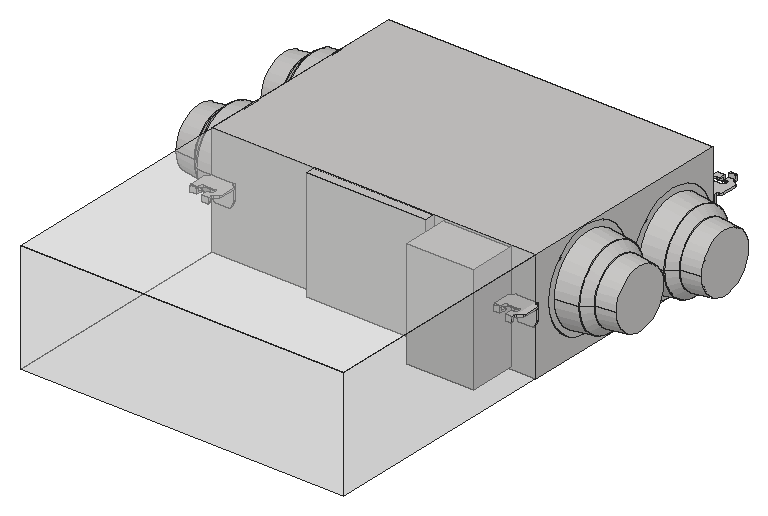
Revit family "outputfile", category 機械設備, Revit 2024
Family settings
  丸型コネクタ寸法 = 半径を使用
  パーツ タイプ = 標準
  OmniClass 番号 = 23.75.10.34.21
  OmniClass タイトル = Heat Exchangers for Ventilation Air
  作業面ベース = いいえ
  常に垂直 = はい
  ロード時にボイドで切り取り = いいえ
  注釈の向きを維持 = いいえ
  共有 = いいえ
  部屋計算ポイント = はい
Parameters (values of type "VAM250HVE")
  Description = ""
  製造元 = "Daikin"
  書き出し IFC クラス(タイプ) = "IfcAirToAirHeatRecoveryType"
  定義済み IFC タイプ(タイプ) = "ROTARYWHEEL"
  Cost = 0
  モデル = "VAM250HVE"
  Type Comments = ""
  Keynote = ""
  Type Image = (empty or 0)
  Assembly Code = ""
  w_maintenacecover = 298.0 mm
  r3_airconnection_top = 73.0 mm
  r2_airconnection_top = 79.2 mm
  r1_airconnection_top = 100.0 mm
  r1_airconnection_bottom = 107.1 mm
  r0_airconnection = 121.0 mm
  lw_powersuply = 146.5 mm
  Voltage_comment_60Hz = "220-240"
  Voltage_comment_50Hz = "220-240"
  Voltage_60Hz = 220 V
  Voltage_50Hz = 220 V
  URL = ""
  Phase_60Hz = 1
  Phase_50Hz = 1
  Minimum External Static Pressure = 35.00 Pa
  Minimum Circuit Amps_60Hz = 1.01 A
  Minimum Circuit Amps_50Hz = 1.01 A
  Maximum Fuse Amps_60Hz = 15.0 A
  Maximum Fuse Amps_50Hz = 15.0 A
  Maximum External Static Pressure = 130.00 Pa
  Material_Casing = DAIKIN_GalvanizedSteel_Casing_indoorunit
  lw_mountinghole_Left = 377.0 mm
  lw_mountinghole = 759.0 mm
  w_controlbox_right = 63.0 mm
  w_controlbox = 167.0 mm
  r_SAduct = SA Duct Size Diameter / 2  # 75.0 mm
  r_RAduct = RA Duct Size Diameter / 2  # 75.0 mm
  r_OAduct = OA Duct Size Diameter / 2  # 75.0 mm
  r_EAduct = EA Duct Size Diameter / 2  # 75.0 mm
  lh_powersuply = 139.0 mm
  lh_mounting = lh_mountinghole + [h***]  # 173.0 mm
  h_controlbox_top = 4.5 mm
  lh_antena = Height - lh_mountinghole + 1.0 mm  # 106.0 mm
  lh_SA = 157.0 mm
  lh_RA = 121.0 mm
  lh_OA = 157.0 mm
  lh_EA = 157.0 mm
  ld_SA = 159.0 mm
  ld_RA = 126.0 mm
  ld_OA = 125.0 mm
  ld_EA = 160.0 mm
  lh_mountinghole = 173.0 mm
  h_controlbox = 269.0 mm
  h*** = 0.0 mm  # constant formula
  d_total_airconnection = d1_airconnection + d2_airconnection + d3_airconnection  # 132.0 mm
  d_maintenacecover = 26.0 mm
  ld_mountinghole = 651.0 mm
  d_controlbox = 117.0 mm
  d3_airconnection = 50.5 mm
  d2_airconnection = 21.5 mm
  d1_airconnection = 60.0 mm
  d0_airconnection = 1.8 mm
  Width = 810.0 mm
  Version = "ver.1.0"
  Unit Type = "Heat Recovery Ventilator"
  Unit Mass Weight = 22.00 kg
  Unit Designation [instance] = ""
  Uniclass2015Version = "Products v1.30"
  Uniclass2015Title = "Thermal wheels"
  Uniclass2015Code = "Pr_60_60_36_88"
  Temperature exchange efficiency (Heating) = 76.50%
  Temperature exchange efficiency (Cooling) = 60.50%
  Supply Air Direction [instance] = yes
  Sound Pressure Level_M speed (dBA) = 31.5
  Sound Pressure Level_L speed (dBA) = 23
  Sound Pressure Level_H speed (dBA) = 33
  Series = "VRV Fan Coil Unit"
  SA Duct Size Diameter = 150.0 mm
  Refrigerant Type = ""
  RA Duct Size Diameter = 150.0 mm
  Option Accessory 3 [instance] = ""
  Option Accessory 2 [instance] = ""
  Option Accessory 1 [instance] = ""
  OA Duct Size Diameter = 150.0 mm
  Nominal Airflow = 250.00 m³/h
  Minimum Airflow = 85.00 m³/h
  Median Airflow = 0.00 m³/h
  Maximum Airflow = 400.00 m³/h
  Load Classification = HVAC
  Link_Nested Family [instance] = ""
  IfcVersion = "0"
  IfcExportType = "ROTARYWHEEL"
  IfcExportAs = "IfcAirToAirHeatRecoveryType"
  Height = 278.0 mm
  Heating Entering Wet Bulb Temperature [instance] = 0.00 °C
  Heating Entering Dry Bulb Temperature [instance] = 0.00 °C
  Heating Ambient Wet Bulb Temperature [instance] = 0.00 °C
  Heating Ambient Dry Bulb Temperature [instance] = 0.00 °C
  Frequency_60Hz = 60 Hz
  Frequency_50Hz = 50 Hz
  Fan Type = "Sirocco Fan"
  Fan Drive = "Direct Drive"
  FCU Tag No. [instance] = ""
  Enthalpy exchange efficiency (Heating) = 69.50%
  Enthalpy exchange efficiency (Cooling) = 60.00%
  EA Duct Size Diameter = 150.0 mm
  Design Supply Airflow [instance] = 0.00 m³/h
  Design Return Airflow [instance] = 0.00 m³/h
  Design Outdoor Airflow [instance] = 0.00 m³/h
  Design External Static Pressure [instance] = 0.00 Pa
  Design Exhaust Airflow [instance] = 0.00 m³/h
  Depth = 551.0 mm
  既定の高さ = 0.0 mm
  Cooling Entering Wet Bulb Temperature [instance] = 0.00 °C
  Cooling Entering Dry Bulb Temperature [instance] = 0.00 °C
  Cooling Ambient Wet Bulb Temperature [instance] = 0.00 °C
  Cooling Ambient Dry Bulb Temperature [instance] = 0.00 °C
  Clearance visibility [instance] = yes
  Clearance Top = 0.0 mm
  Clearance Right = 0.0 mm
  Clearance Rear = 0.0 mm
  Clearance Left = 0.0 mm
  Clearance Front = 600.0 mm
  Clearance Bottom = 0.0 mm
Reference planes
  plane 1 "Center (Front/Back)": y = 0
  plane 2: z = 0
  plane 3 "Center (Left/Right)": x = 0
  plane 4 "Back": y = 275.5
  plane 5 "Front": y = -275.5
  plane 6 "Left": x = -405
  plane 7 "Right": x = 405
  plane 8 "Top": z = 0
  plane 9 "mountinghole_Left": x = -377
  plane 10 "mountinghole_Right": x = 382
  plane 11 "mountinghole_Back": y = 325.5
  plane 12 "mountinghole_Front": y = -325.5
  plane 13 "Center (Elevation)": z = -139
  plane 14 "h_mountinghole": z = -105
  plane 15 "w_maintenacecover_left": x = -149
  plane 16 "w_maintenacecover_right": x = 149
  plane 17 "Clearance Front": y = -875.5
  plane 18 "Clearance Left": x = -405
  plane 19 "Clearance Right": x = 405
  plane 20 "Clearance Rear": y = 275.5
  plane 21 "Clearance Top": z = 0
  plane 22 "Clearance Bottom": z = -278
  plane 23 "d_maintenacecover": y = -301.5
  plane 24 "d_controlbox": y = -392.5
  plane 25 "w_controlbox_left": x = 175
  plane 26 "w_controlbox_right": x = 342
  plane 27 "Bottom": z = -278
  plane 28 "h_controlbox_top": z = -4.5
  plane 29 "h_controlbox_bottom": z = -273.5
  plane 30 "lh_OA": z = -121
  plane 31 "lh_EA": z = -121
  plane 32 "lh_SA": z = -121
  plane 33 "lh_RA": z = -157
  plane 34 "ld_EA": y = 115.5
  plane 35 "ld_OA": y = -150.5
  plane 36 "ld_RA": y = 149.5
  plane 37 "ld_SA": y = -116.5
  plane 38 "lw_powersuply": x = 258.5
  plane 39: z = 59.955
  plane 40 "lh_powersuply": z = -139
Forms (mm)
  Extrusion 1, solid, material "DAIKIN_GalvanizedSteel_Casing_indoorunit" <- "Material_Casing"
    sketch origin (0, 0, 200) x (1, 0, 0) y (0, 1, 0)
      loop
        line (-405, 275.5) -> (-405, -275.5) -> (405, -275.5) -> (405, 275.5) -> (-405, 275.5)
    from -478 to -200
  Extrusion 2, solid, material "DAIKIN_GalvanizedSteel_Casing_indoorunit" <- "Material_Casing"
    sketch origin (0, 0, 0) x (1, 0, 0) y (0, 1, 0)
      loop
        line (-149, -275.5) -> (-149, -301.5) -> (149, -301.5) -> (149, -275.5) -> (-149, -275.5)
    from -278 to 0
  Extrusion 3, solid, material "DAIKIN_GalvanizedSteel_Casing_indoorunit" <- "Material_Casing"
    sketch origin (0, 0, 0) x (1, 0, 0) y (0, 1, 0)
      loop
        line (175, -275.5) -> (175, -392.5) -> (342, -392.5) -> (342, -275.5) -> (175, -275.5)
    from -273.5 to -4.5
Dimensions and locks
  equal spacing: plane 6 "Left", plane 3 "Center (Left/Right)", plane 7 "Right"
  "Width": plane 6 "Left" to plane 7 "Right"
  equal spacing: plane 4 "Back", plane 1 "Center (Front/Back)", plane 5 "Front"
  "Depth": plane 4 "Back" to plane 5 "Front"
  "lw_mountinghole": plane 9 "mountinghole_Left" to plane 10 "mountinghole_Right"
  equal spacing: plane 11 "mountinghole_Back", plane 1 "Center (Front/Back)", plane 12 "mountinghole_Front"
  "ld_mountinghole": plane 11 "mountinghole_Back" to plane 12 "mountinghole_Front"
  "Clearance Front": plane 5 "Front" to plane 17 "Clearance Front"
  "Clearance Left": plane 18 "Clearance Left" to plane 6 "Left"
  "Clearance Right": plane 7 "Right" to plane 19 "Clearance Right"
  "Clearance Rear": plane 4 "Back" to plane 20 "Clearance Rear"
  "w_controlbox_right": plane 26 "w_controlbox_right" to plane 7 "Right"
  "w_controlbox": plane 25 "w_controlbox_left" to plane 26 "w_controlbox_right"
  equal spacing: plane 15 "w_maintenacecover_left", plane 3 "Center (Left/Right)", plane 16 "w_maintenacecover_right"
  "w_maintenacecover": plane 15 "w_maintenacecover_left" to plane 16 "w_maintenacecover_right"
  "lh_mountinghole": plane 14 "h_mountinghole" to plane 27 "Bottom"
  "Height": plane 8 "Top" to plane 27 "Bottom"
  equal spacing: plane 8 "Top", plane 13 "Center (Elevation)", plane 27 "Bottom"
  "Clearance Top": plane 21 "Clearance Top" to plane 8 "Top"
  "Clearance Bottom": plane 27 "Bottom" to plane 22 "Clearance Bottom"
  "h_controlbox": plane 28 "h_controlbox_top" to plane 29 "h_controlbox_bottom"
  "d_controlbox": plane 5 "Front" to plane 24 "d_controlbox"
  "d_maintenacecover": plane 5 "Front" to plane 23 "d_maintenacecover"
  "lh_SA": plane 32 "lh_SA" to plane 27 "Bottom"
  "lh_RA": plane 33 "lh_RA" to plane 27 "Bottom"
  "ld_OA": plane 35 "ld_OA" to plane 5 "Front"
  "ld_EA": plane 4 "Back" to plane 34 "ld_EA"
  "ld_RA": plane 4 "Back" to plane 36 "ld_RA"
  "ld_SA": plane 37 "ld_SA" to plane 5 "Front"
  "lh_EA": plane 31 "lh_EA" to plane 27 "Bottom"
  "lh_OA": plane 30 "lh_OA" to plane 27 "Bottom"
  "h_controlbox_top": plane 8 "Top" to plane 28 "h_controlbox_top"
  "lw_mountinghole_Left": plane 9 "mountinghole_Left" to plane 3 "Center (Left/Right)"
  plane 3 "Center (Left/Right)" to plane 10 "mountinghole_Right" = 382.0 mm
  "lw_powersuply": plane 38 "lw_powersuply" to plane 7 "Right"
  "lh_powersuply": plane 40 "lh_powersuply" to plane 27 "Bottom"
  aligned and locked: level to plane 2
  aligned and locked: Extrusion 1 sketch curve to plane 4 "Back"
  aligned and locked: plane 6 "Left" to Extrusion 1 sketch curve
  aligned and locked: plane 5 "Front" to Extrusion 1 sketch curve
  aligned and locked: Extrusion 1 sketch curve to plane 7 "Right"
  aligned and locked: plane 8 "Top" to Extrusion 1
  aligned and locked: nested 1 to plane 10 "mountinghole_Right"
  aligned and locked: nested 1 to plane 5 "Front"
  aligned and locked: plane 9 "mountinghole_Left" to nested 2
  aligned and locked: nested 2 to plane 5 "Front"
  aligned and locked: plane 4 "Back" to nested 3
  aligned and locked: plane 10 "mountinghole_Right" to nested 3
  aligned and locked: nested 4 to plane 9 "mountinghole_Left"
  aligned and locked: plane 4 "Back" to nested 4
  aligned and locked: nested 6 to plane 10 "mountinghole_Right"
  aligned and locked: nested 6 to plane 11 "mountinghole_Back"
  aligned and locked: plane 9 "mountinghole_Left" to nested 7
  aligned and locked: nested 7 to plane 11 "mountinghole_Back"
  aligned and locked: plane 9 "mountinghole_Left" to nested 8
  aligned and locked: plane 12 "mountinghole_Front" to nested 8
  aligned and locked: plane 12 "mountinghole_Front" to nested 9
  aligned and locked: nested 9 to plane 10 "mountinghole_Right"
  aligned and locked: plane 14 "h_mountinghole" to nested 3
  aligned and locked: plane 14 "h_mountinghole" to nested 1
  aligned and locked: plane 14 "h_mountinghole" to nested 4
  aligned and locked: plane 14 "h_mountinghole" to nested 2
  aligned and locked: nested 5 to plane 17 "Clearance Front"
  aligned and locked: plane 18 "Clearance Left" to nested 5
  aligned and locked: nested 5 to plane 19 "Clearance Right"
  aligned and locked: nested 5 to plane 20 "Clearance Rear"
  aligned and locked: plane 22 "Clearance Bottom" to nested 5
  aligned and locked: plane 21 "Clearance Top" to nested 5
  aligned and locked: plane 27 "Bottom" to Extrusion 1
  aligned and locked: plane 23 "d_maintenacecover" to Extrusion 2 sketch curve
  aligned and locked: plane 16 "w_maintenacecover_right" to Extrusion 2 sketch curve
  aligned and locked: plane 15 "w_maintenacecover_left" to Extrusion 2 sketch curve
  aligned and locked: Extrusion 2 sketch curve to plane 5 "Front"
  aligned and locked: plane 8 "Top" to Extrusion 2
  aligned and locked: Extrusion 2 to plane 27 "Bottom"
  aligned and locked: plane 24 "d_controlbox" to Extrusion 3 sketch curve
  aligned and locked: plane 25 "w_controlbox_left" to Extrusion 3 sketch curve
  aligned and locked: Extrusion 3 sketch curve to plane 5 "Front"
  aligned and locked: Extrusion 3 sketch curve to plane 26 "w_controlbox_right"
  aligned and locked: plane 28 "h_controlbox_top" to Extrusion 3
  aligned and locked: plane 29 "h_controlbox_bottom" to Extrusion 3
  aligned and locked: nested 10 to plane 34 "ld_EA"
  aligned and locked: nested 10 to plane 6 "Left"
  aligned and locked: nested 11 to plane 35 "ld_OA"
  aligned and locked: nested 11 to plane 6 "Left"
  aligned and locked: plane 36 "ld_RA" to nested 12
  aligned and locked: plane 7 "Right" to nested 12
  aligned and locked: plane 37 "ld_SA" to nested 13
  aligned and locked: plane 7 "Right" to nested 13
  aligned and locked: plane 32 "lh_SA" to nested 13
  aligned and locked: plane 33 "lh_RA" to nested 12
  aligned and locked: plane 30 "lh_OA" to nested 11
  aligned and locked: plane 31 "lh_EA" to nested 10
  aligned and locked: plane 37 "ld_SA" to nested 15
  aligned and locked: plane 7 "Right" to nested 15
  aligned and locked: plane 36 "ld_RA" to nested 16
  aligned and locked: plane 7 "Right" to nested 16
  aligned and locked: nested 18 to plane 34 "ld_EA"
  aligned and locked: nested 17 to plane 35 "ld_OA"
  aligned and locked: nested 18 to plane 6 "Left"
  aligned and locked: nested 17 to plane 6 "Left"
  aligned and locked: plane 31 "lh_EA" to nested 17
  aligned and locked: nested 18 to plane 31 "lh_EA"
  aligned and locked: nested 16 to plane 33 "lh_RA"
  aligned and locked: nested 15 to plane 32 "lh_SA"
  aligned and locked: plane 37 "ld_SA" to nested 14
  aligned and locked: nested 19 to plane 38 "lw_powersuply"
  aligned and locked: nested 19 to plane 5 "Front"
  aligned and locked: plane 40 "lh_powersuply" to nested 19
  aligned and locked: level to plane 8 "Top"
Nested families
  nested 1: "daikin_hangerfixture_VAM-HVE_150-1000" at (382, -275.5, -105), type "daikin_hangerfixture_VAM-HVE_150-1000"
  nested 2: "daikin_hangerfixture_VAM-HVE_150-1000" at (-377, -275.5, -105), type "daikin_hangerfixture_VAM-HVE_150-1000"
  nested 3: "daikin_hangerfixture_VAM-HVE_150-1000" at (382, 275.5, -105) x (-1, 0, 0) z (0, 0, 1), type "daikin_hangerfixture_VAM-HVE_150-1000"
  nested 4: "daikin_hangerfixture_VAM-HVE_150-1000" at (-377, 275.5, -105) x (-1, 0, 0) z (0, 0, 1), type "daikin_hangerfixture_VAM-HVE_150-1000"
  nested 5: "daikin_clearancespace" at (0, -300, -138.881), visible <- "Clearance visibility", show <- "Clearance visibility", Link_Nested Family <- "Link_Nested Family", type "daikin_clearancespace"
    with width 810.0 mm, show yes, height 278.0 mm, depth 1151.0 mm, Link_Nested Family ""
  nested 6: "daikin_mountinghole" at (382, 325.5, -278), l_antenna <- "lh_antena", Link_Nested Family <- "Link_Nested Family", h_mountinghole <- "lh_mounting", type "daikin_mountinghole"
    with show yes, l_antenna 106.0 mm, h_mountinghole 173.0 mm, Link_Nested Family ""
  nested 7: "daikin_mountinghole" at (-377, 325.5, -278), l_antenna <- "lh_antena", Link_Nested Family <- "Link_Nested Family", h_mountinghole <- "lh_mounting", type "daikin_mountinghole"
    with show yes, l_antenna 106.0 mm, h_mountinghole 173.0 mm, Link_Nested Family ""
  nested 8: "daikin_mountinghole" at (-377, -325.5, -278), l_antenna <- "lh_antena", Link_Nested Family <- "Link_Nested Family", h_mountinghole <- "lh_mounting", type "daikin_mountinghole"
    with show yes, l_antenna 106.0 mm, h_mountinghole 173.0 mm, Link_Nested Family ""
  nested 9: "daikin_mountinghole" at (382, -325.5, -278), l_antenna <- "lh_antena", Link_Nested Family <- "Link_Nested Family", h_mountinghole <- "lh_mounting", type "daikin_mountinghole"
    with show yes, l_antenna 106.0 mm, h_mountinghole 173.0 mm, Link_Nested Family ""
  nested 10: "daikin_airconnection_VAM-HVE_150-1000" at (-405, 115.5, -121) x (0, -1, 0) z (0, 0, 1), d0 <- "d0_airconnection", d1 <- "d1_airconnection", d2 <- "d2_airconnection", d3 <- "d3_airconnection", r0 <- "r0_airconnection", r1_bottom <- "r1_airconnection_bottom", r1_top <- "r1_airconnection_top", r2_top <- "r2_airconnection_top", r3_top <- "r3_airconnection_top", type "daikin_airconnection_VAM-HVE_150-1000"
    with r3_top 73.0 mm, r3_bottom 79.2 mm, r2_top 79.2 mm, r2_bottom 100.0 mm, r1_top 100.0 mm, r1_bottom 107.1 mm, r0 121.0 mm, d_total 132.0 mm, d3 50.5 mm, d2 21.5 mm, d1 60.0 mm, d0 1.8 mm
  nested 11: "daikin_airconnection_VAM-HVE_150-1000" at (-405, -150.5, -121) x (0, -1, 0) z (0, 0, 1), d0 <- "d0_airconnection", d1 <- "d1_airconnection", d2 <- "d2_airconnection", d3 <- "d3_airconnection", r0 <- "r0_airconnection", r1_bottom <- "r1_airconnection_bottom", r1_top <- "r1_airconnection_top", r2_top <- "r2_airconnection_top", r3_top <- "r3_airconnection_top", type "daikin_airconnection_VAM-HVE_150-1000"
    with r3_top 73.0 mm, r3_bottom 79.2 mm, r2_top 79.2 mm, r2_bottom 100.0 mm, r1_top 100.0 mm, r1_bottom 107.1 mm, r0 121.0 mm, d_total 132.0 mm, d3 50.5 mm, d2 21.5 mm, d1 60.0 mm, d0 1.8 mm
  nested 12: "daikin_airconnection_VAM-HVE_150-1000" at (405, 149.5, -157) x (0, 1, 0) z (0, 0, 1), d0 <- "d0_airconnection", d1 <- "d1_airconnection", d2 <- "d2_airconnection", d3 <- "d3_airconnection", r0 <- "r0_airconnection", r1_bottom <- "r1_airconnection_bottom", r1_top <- "r1_airconnection_top", r2_top <- "r2_airconnection_top", r3_top <- "r3_airconnection_top", type "daikin_airconnection_VAM-HVE_150-1000"
    with r3_top 73.0 mm, r3_bottom 79.2 mm, r2_top 79.2 mm, r2_bottom 100.0 mm, r1_top 100.0 mm, r1_bottom 107.1 mm, r0 121.0 mm, d_total 132.0 mm, d3 50.5 mm, d2 21.5 mm, d1 60.0 mm, d0 1.8 mm
  nested 13: "daikin_airconnection_VAM-HVE_150-1000" at (405, -116.5, -121) x (0, 1, 0) z (0, 0, 1), d0 <- "d0_airconnection", d1 <- "d1_airconnection", d2 <- "d2_airconnection", d3 <- "d3_airconnection", r0 <- "r0_airconnection", r1_bottom <- "r1_airconnection_bottom", r1_top <- "r1_airconnection_top", r2_top <- "r2_airconnection_top", r3_top <- "r3_airconnection_top", type "daikin_airconnection_VAM-HVE_150-1000"
    with r3_top 73.0 mm, r3_bottom 79.2 mm, r2_top 79.2 mm, r2_bottom 100.0 mm, r1_top 100.0 mm, r1_bottom 107.1 mm, r0 121.0 mm, d_total 132.0 mm, d3 50.5 mm, d2 21.5 mm, d1 60.0 mm, d0 1.8 mm
  nested 14: "daikin_△_symbolicline" at (0, -116.5, 278) x (0, 1, 0) z (0, 0, 1), built-in parameter 1001360 <- "Height", visible <- "Supply Air Direction", type "daikin_△_symbolicline"
    with length 300.0 mm
  nested 15: "daikin_connector_rotate2" at (405, -116.5, -121) x (0, 1, 0) z (0, 0, 1), length <- "d_total_airconnection", radius <- "r_SAduct", type "daikin_connector_rotate2"
    with radius 75.0 mm, length 132.0 mm, angle_vertical 90.00°, show_face no
  nested 16: "daikin_connector_rotate2" at (405, 149.5, -157) x (0, 1, 0) z (0, 0, 1), length <- "d_total_airconnection", radius <- "r_RAduct", type "daikin_connector_rotate2"
    with radius 75.0 mm, length 132.0 mm, angle_vertical 90.00°, show_face no
  nested 17: "daikin_connector_rotate2" at (-405, -150.5, -121) x (0, -1, 0) z (0, 0, 1), length <- "d_total_airconnection", radius <- "r_OAduct", type "daikin_connector_rotate2"
    with radius 75.0 mm, length 132.0 mm, angle_vertical 90.00°, show_face no
  nested 18: "daikin_connector_rotate2" at (-405, 115.5, -121) x (0, -1, 0) z (0, 0, 1), length <- "d_total_airconnection", radius <- "r_EAduct", type "daikin_connector_rotate2"
    with radius 75.0 mm, length 132.0 mm, angle_vertical 90.00°, show_face no
  nested 19: "daikin_connector_rotate2" at (258.5, -275.5, -139), length <- "d_controlbox", type "daikin_connector_rotate2"
    with radius 10.0 mm, length 117.0 mm, angle_vertical 90.00°, show_face no
Connectors
  hvac at (-537, 115.5, -121), driven by "r_EAduct"
    settings: on nested 18, index 1, duct flow 0.00 m³/h, flow factor 0, pres drop 0.00 Pa, loss coef 0, conn angle 0.00°, conn width 304.8 mm, conn height 304.8 mm, conn diameter 150.0 mm, duct sys type 3, conn prof type 0, flow config 0, flow direction 2, loss method 4, conn ref index -1, conn util no, is conn primary no, conn desc "EA Duct"
  hvac at (-537, -150.5, -121), driven by "r_OAduct"
    settings: on nested 17, index 2, duct flow 0.00 m³/h, flow factor 0, pres drop 0.00 Pa, loss coef 0, conn angle 0.00°, conn width 304.8 mm, conn height 304.8 mm, conn diameter 150.0 mm, duct sys type 1, conn prof type 0, flow config 0, flow direction 1, loss method 4, conn ref index -1, conn util no, is conn primary no, conn desc "OA Duct"
  hvac at (537, 149.5, -157), driven by "r_RAduct"
    settings: on nested 16, index 3, duct flow 0.00 m³/h, flow factor 0, pres drop 0.00 Pa, loss coef 0, conn angle 0.00°, conn width 304.8 mm, conn height 304.8 mm, conn diameter 150.0 mm, duct sys type 2, conn prof type 0, flow config 0, flow direction 1, loss method 4, conn ref index -1, conn util no, is conn primary no, conn desc "RA Duct"
  hvac at (537, -116.5, -121), driven by "r_SAduct"
    settings: on nested 15, index 4, duct flow 0.00 m³/h, flow factor 0, pres drop 0.00 Pa, loss coef 0, conn angle 0.00°, conn width 304.8 mm, conn height 304.8 mm, conn diameter 150.0 mm, duct sys type 1, conn prof type 0, flow config 0, flow direction 2, loss method 4, conn ref index -1, conn util no, is conn primary yes, conn desc "SA Duct"
  electrical at (258.5, -392.5, -139), driven by "Load Classification"
    settings: on nested 19, index 6, voltage 0 V, apparent load 0 VA, apparent load phase1 0 VA, apparent load phase2 0 VA, apparent load phase3 0 VA, power factor 1, load classification "HVAC", number of poles 1, system type 30, power factor state 1, is connector primary yes, connector utility no, sub classification motor no, connector description "Power Supply"
Definition of nested family "daikin_hangerfixture_VAM-HVE_150-1000"
  Parameters (values of type "daikin_hangerfixture_VAM")
    width = 76.0 mm
    material = none
    height = 0.0 mm
    depth = 75.0 mm
    Default Elevation = 0.0 mm
  Reference planes
    plane 1 "Center (Front/Back)": y = 0
    plane 2: z = 0
    plane 3 "Center (Left/Right)": x = 0
    plane 4: y = -75
    plane 5: x = -38
    plane 6: x = 38
    plane 7: z = -3.2
    plane 8: z = -57
    plane 9: x = -28
    plane 10: x = 28
    plane 11: y = -3.2
    plane 12: z = 11.8
    plane 13: z = -15
    plane 14: y = -71.8
    plane 15: y = -50
  Forms (mm)
    Extrusion 1, solid, material <- "material"
      sketch origin (0, 0, 0) x (1, 0, 0) y (0, 1, 0)
        loop
          line (-28, 0) -> (-28, -5)
          arc (-28, -5) -> (-29.464, -8.536) -> (-33, -10) r 5
          arc (-33, -10) -> (-36.536, -11.464) -> (-38, -15) r 5
          line (-38, -15) -> (-38, -52.597)
          arc (-38, -52.597) -> (-37.507, -54.763) -> (-36.123, -56.501) r 5
          line (-36.123, -56.501) -> (-24.877, -65.499)
          arc (-24.877, -65.499) -> (-23.493, -67.237) -> (-23, -69.403) r 5
          line (-23, -69.403) -> (-23, -75) -> (-7, -75) -> (-7, -60)
          arc (-7, -60) -> (-7.879, -57.879) -> (-10, -57) r 3
          line (-10, -57) -> (-13, -57)
          arc (-13, -57) -> (-20, -50) -> (-13, -43) r 7
          line (-13, -43) -> (13, -43)
          arc (13, -43) -> (20, -50) -> (13, -57) r 7
          line (13, -57) -> (10, -57)
          arc (10, -57) -> (7.879, -57.879) -> (7, -60) r 3
          line (7, -60) -> (7, -75) -> (23, -75) -> (23, -69.403)
          arc (23, -69.403) -> (23.493, -67.237) -> (24.877, -65.499) r 5
          line (24.877, -65.499) -> (36.123, -56.501)
          arc (36.123, -56.501) -> (37.507, -54.763) -> (38, -52.597) r 5
          line (38, -52.597) -> (38, -15)
          arc (38, -15) -> (36.536, -11.464) -> (33, -10) r 5
          arc (33, -10) -> (29.464, -8.536) -> (28, -5) r 5
          line (28, -5) -> (28, 0) -> (-28, 0)
      from 0 to -3.2
    Extrusion 2, solid, material <- "material"
      sketch origin (0, 0, 0) x (1, 0, 0) y (0, 0, 1)
        loop
          line (28, 0) -> (-28, 0) -> (-28, -38.882)
          arc (-28, -38.882) -> (-27.88, -39.973) -> (-27.524, -41.011) r 5
          line (-27.524, -41.011) -> (-21.351, -54.129)
          arc (-21.351, -54.129) -> (-19.506, -56.222) -> (-16.827, -57) r 5
          line (-16.827, -57) -> (16.827, -57)
          arc (16.827, -57) -> (19.506, -56.222) -> (21.351, -54.129) r 5
          line (21.351, -54.129) -> (27.524, -41.011)
          arc (27.524, -41.011) -> (27.88, -39.973) -> (28, -38.882) r 5
          line (28, -38.882) -> (28, 0)
      from 0 to 3.2
    Extrusion 3, solid, material <- "material"
      sketch origin (0, 0, 0) x (1, 0, 0) y (0, 0, 1)
        loop
          line (-23, -3.2) -> (-7, -3.2) -> (-7, 8.8)
          arc (-7, 8.8) -> (-7.879, 10.921) -> (-10, 11.8) r 3
          line (-10, 11.8) -> (-20, 11.8)
          arc (-20, 11.8) -> (-22.121, 10.921) -> (-23, 8.8) r 3
          line (-23, 8.8) -> (-23, -3.2)
        loop
          line (7, 0) -> (7, -12)
          arc (7, -12) -> (7.879, -14.121) -> (10, -15) r 3
          line (10, -15) -> (20, -15)
          arc (20, -15) -> (22.121, -14.121) -> (23, -12) r 3
          line (23, -12) -> (23, 0) -> (7, 0)
      from 71.8 to 75
  Cuts and joins
    joined: Extrusion 1, Extrusion 2, Extrusion 3
  Dimensions and locks
    "depth": plane 4 to plane 1 "Center (Front/Back)"
    equal spacing: plane 5, plane 3 "Center (Left/Right)", plane 6
    "width": plane 5 to plane 6
    plane 2 to plane 7 = 3.2 mm
    locked: plane 2 to plane 8 at 57
    locked: plane 9 to plane 10 at 56
    equal spacing: plane 9, plane 3 "Center (Left/Right)", plane 10
    locked: plane 11 to plane 1 "Center (Front/Back)" at 3.2
    locked: plane 12 to plane 7 at 15
    locked: plane 2 to plane 13 at 15
    plane 14 to plane 4 = 3.2 mm
    aligned and locked: level to plane 2
    aligned and locked: plane 1 "Center (Front/Back)" to Extrusion 1 sketch curve
    aligned and locked: plane 4 to Extrusion 1 sketch curve  (x2)
    aligned and locked: Extrusion 1 to plane 5
    aligned and locked: plane 6 to Extrusion 1
    aligned and locked: Extrusion 1 to plane 7
    aligned and locked: Extrusion 2 sketch curve to plane 2
    aligned and locked: Extrusion 2 to plane 8
    aligned and locked: plane 9 to Extrusion 2
    aligned and locked: Extrusion 2 to plane 10
    aligned and locked: Extrusion 2 to plane 1 "Center (Front/Back)"
    aligned and locked: Extrusion 2 to plane 11
    aligned and locked: Extrusion 3 sketch curve to plane 7
    aligned and locked: Extrusion 3 sketch curve to plane 2
    aligned and locked: Extrusion 3 to plane 12
    aligned and locked: Extrusion 3 to plane 13
    aligned and locked: Extrusion 3 to plane 4
    aligned and locked: plane 14 to Extrusion 3
  Automatic sketch dimensions
    plane 3 "Center (Left/Right)" to Extrusion 1 sketch curve = 28.0 mm
    plane 1 "Center (Front/Back)" to Extrusion 1 sketch curve = 5.0 mm
    Extrusion 1 sketch curve to Extrusion 1 sketch curve = 5.0 mm  (x8)
    plane 4 to Extrusion 1 sketch curve = 22.403 mm
    Extrusion 1 sketch curve to Extrusion 1 sketch curve = 1.877 mm  (x2)
    plane 4 to Extrusion 1 sketch curve = 9.501 mm
    Extrusion 1 sketch curve to Extrusion 1 sketch curve = 11.247 mm  (x2)
    Extrusion 1 sketch curve to Extrusion 1 sketch curve = 3.123 mm  (x2)
    Extrusion 1 sketch curve to Extrusion 1 sketch curve = 3.904 mm  (x2)
    plane 3 "Center (Left/Right)" to Extrusion 1 sketch curve = 7.0 mm
    plane 4 to Extrusion 1 sketch curve = 15.0 mm
    Extrusion 1 sketch curve to Extrusion 1 sketch curve = 3.0 mm  (x4)
    Extrusion 1 sketch curve to Extrusion 1 sketch curve = 7.0 mm  (x2)
    Extrusion 1 sketch curve to plane 3 "Center (Left/Right)" = 13.0 mm
    Extrusion 1 sketch curve to Extrusion 1 sketch curve = 16.0 mm
    plane 4 to Extrusion 1 sketch curve = 5.597 mm
    Extrusion 1 sketch curve to Extrusion 1 sketch curve = 8.998 mm
    plane 1 "Center (Front/Back)" to Extrusion 1 sketch curve = 15.0 mm
    plane 5 to Extrusion 2 sketch curve = 10.0 mm
    Extrusion 2 sketch curve to Extrusion 2 sketch curve = 0.476 mm  (x2)
    Extrusion 2 sketch curve to Extrusion 2 sketch curve = 4.524 mm  (x4)
    Extrusion 2 sketch curve to Extrusion 2 sketch curve = 6.173 mm  (x2)
    plane 3 "Center (Left/Right)" to Extrusion 2 sketch curve = 16.827 mm
    Extrusion 2 sketch curve to plane 7 = 35.682 mm  (x2)
    Extrusion 2 sketch curve to Extrusion 2 sketch curve = 13.118 mm  (x2)
    Extrusion 2 sketch curve to Extrusion 2 sketch curve = 2.129 mm
    Extrusion 3 sketch curve to plane 9 = 5.0 mm
    Extrusion 3 sketch curve to Extrusion 3 sketch curve = 3.0 mm  (x4)
    Extrusion 3 sketch curve to Extrusion 3 sketch curve = 10.0 mm
    plane 3 "Center (Left/Right)" to Extrusion 3 sketch curve = 7.0 mm
    plane 10 to Extrusion 3 sketch curve = 8.0 mm
    Extrusion 3 sketch curve to plane 7 = 8.8 mm
    level to Extrusion 3 sketch curve = 8.8 mm
Definition of nested family "daikin_clearancespace"
  Parameters (values of type "daikin_clearancespace")
    width [instance] = 1823.963 mm
    show [instance] = yes
    material = none
    height [instance] = 1359.762 mm
    depth [instance] = 880.0 mm
    Default Elevation = 0.0 mm
    Link_Nested Family [instance] = ""
  Reference planes
    plane 1 "Center (Front/Back)": y = 0
    plane 2 "Center (Elevation)": z = -0.119
    plane 3 "Center (Left/Right)": x = 0
    plane 4: y = 440
    plane 5: y = -440
    plane 6 "Right": x = 911.982
    plane 7 "Left": x = -911.982
    plane 8 "Top": z = 679.762
    plane 9 "Bottom": z = -680
  Forms (mm)
    Extrusion 1, solid, material <- "material", visible <- "show"
      sketch origin (0, 0, 0) x (1, 0, 0) y (0, 1, 0)
        loop
          line (-911.982, 440) -> (-911.982, -440) -> (911.982, -440) -> (911.982, 440) -> (-911.982, 440)
      from -680 to 679.762
  Lines and regions (mm)
    symbolic lines, visible <- "show"
      curve 1: line (911.982, 440, 0) -> (-911.982, 440, 0)
      curve 2: line (-911.982, 440, 0) -> (-911.982, -440, 0)
      curve 3: line (-911.982, -440, 0) -> (911.982, -440, 0)
      curve 4: line (911.982, -440, 0) -> (911.982, 440, 0)
      curve 5: line (911.982, 0, 679.762) -> (-911.982, 0, 679.762)
      curve 6: line (911.982, 0, -680) -> (911.982, 0, 679.762)
      curve 7: line (-911.982, 0, -680) -> (911.982, 0, -680)
      curve 8: line (-911.982, 0, 679.762) -> (-911.982, 0, -680)
      curve 9: line (0, 440, 679.762) -> (0, -440, 679.762)
      curve 10: line (0, -440, 679.762) -> (0, -440, -680)
      curve 11: line (0, 440, -680) -> (0, 440, 679.762)
      curve 12: line (0, -440, -680) -> (0, 440, -680)
  Dimensions and locks
    "width": plane 7 "Left" to plane 6 "Right"
    "depth": plane 4 to plane 5
    "height": plane 8 "Top" to plane 9 "Bottom"
    equal spacing: plane 7 "Left", plane 3 "Center (Left/Right)", plane 6 "Right"
    equal spacing: plane 4, plane 1 "Center (Front/Back)", plane 5
    equal spacing: plane 8 "Top", plane 2 "Center (Elevation)", plane 9 "Bottom"
    aligned and locked: level to plane 2 "Center (Elevation)"
    aligned and locked: Extrusion 1 sketch curve to plane 4
    aligned and locked: plane 7 "Left" to Extrusion 1 sketch curve
    aligned and locked: Extrusion 1 sketch curve to plane 5
    aligned and locked: Extrusion 1 sketch curve to plane 6 "Right"
    aligned and locked: plane 8 "Top" to Extrusion 1
    aligned and locked: curve 1 to Extrusion 1
    aligned and locked: curve 2 to Extrusion 1
    aligned and locked: curve 3 to Extrusion 1
    aligned and locked: curve 4 to Extrusion 1
    aligned and locked: curve 5 to Extrusion 1
    aligned and locked: curve 6 to Extrusion 1
    aligned and locked: curve 7 to Extrusion 1
    aligned and locked: curve 8 to Extrusion 1
    aligned and locked: curve 9 to Extrusion 1
    aligned and locked: curve 10 to Extrusion 1
    aligned and locked: curve 11 to Extrusion 1
    aligned and locked: curve 12 to Extrusion 1
    aligned and locked: Extrusion 1 to plane 9 "Bottom"
Definition of nested family "daikin_airconnection_VAM-HVE_150-1000"
  Parameters (values of type "daikin_airconnection_VAM")
    width = 0.0 mm
    r3_top [instance] = 48.5 mm
    r3_bottom [instance] = r2_top  # 53.1 mm
    r2_top [instance] = 53.1 mm
    r2_bottom [instance] = r1_top  # 100.0 mm
    r1_top [instance] = 100.0 mm
    r1_bottom [instance] = 107.1 mm
    r0 [instance] = 121.0 mm
    material = none
    height = 0.0 mm
    depth = 0.0 mm
    d_total [instance] = d3 + d2 + d1  # 145.0 mm
    d3 [instance] = 38.5 mm
    d2 [instance] = 46.5 mm
    d1 [instance] = 60.0 mm
    d0 [instance] = 1.8 mm
    Default Elevation = 0.0 mm
  Reference planes
    plane 1 "Center (Front/Back)": y = 0
    plane 2 "Center (Elevation)": z = 0
    plane 3 "Center (Left/Right)": x = 0
    plane 4 "d1": y = -60
    plane 5 "d2": y = -106.5
    plane 6 "d3": y = -145
    plane 7 "d0": y = -1.8
  Forms (mm)
    Blend 1, solid, material <- "material"
      base sketch origin (0, 0, 0) x (1, 0, 0) y (0, 0, 1)
        loop
          circle (0, 0) r 107.1
      top sketch origin (0, 0, 0) x (1, 0, 0) y (0, 0, 1)
        loop
          circle (0, 0) r 100
      from 1.8 to 60
    Blend 2, solid, material <- "material"
      base sketch origin (0, 0, 0) x (1, 0, 0) y (0, 0, 1)
        loop
          circle (0, 0) r 100
      top sketch origin (0, 0, 0) x (1, 0, 0) y (0, 0, 1)
        loop
          circle (0, 0) r 53.1
      from 60 to 106.5
    Blend 3, solid, material <- "material"
      base sketch origin (0, 0, 0) x (1, 0, 0) y (0, 0, 1)
        loop
          circle (0, 0) r 53.1
      top sketch origin (0, 0, 0) x (1, 0, 0) y (0, 0, 1)
        loop
          circle (0, 0) r 48.5
      from 106.5 to 145
    Extrusion 4, solid, material <- "material"
      sketch origin (0, 0, 0) x (1, 0, 0) y (0, 0, 1)
        loop
          circle (0, 0) r 121
      from 0 to 1.8
  Dimensions and locks
    "d1": plane 4 "d1" to plane 1 "Center (Front/Back)"
    "d2": plane 4 "d1" to plane 5 "d2"
    "d3": plane 5 "d2" to plane 6 "d3"
    "d0": plane 7 "d0" to plane 1 "Center (Front/Back)"
    "r1_bottom": radius of Blend 1 sketch curve
    "r1_top": radius of Blend 1 sketch curve
    "r2_bottom": radius of Blend 2 sketch curve
    "r2_top": radius of Blend 2 sketch curve
    "r3_bottom": radius of Blend 3 sketch curve
    "r3_top": radius of Blend 3 sketch curve
    "r0": radius of Extrusion 4 sketch curve
    aligned and locked: level to plane 2 "Center (Elevation)"
    aligned and locked: plane 2 "Center (Elevation)" to Blend 1 sketch curve  (x2)
    aligned and locked: plane 3 "Center (Left/Right)" to Blend 1 sketch curve  (x2)
    aligned and locked: Blend 1 to plane 4 "d1"
    aligned and locked: plane 2 "Center (Elevation)" to Blend 2 sketch curve  (x2)
    aligned and locked: plane 3 "Center (Left/Right)" to Blend 2 sketch curve  (x2)
    aligned and locked: plane 4 "d1" to Blend 2
    aligned and locked: Blend 2 to plane 5 "d2"
    aligned and locked: plane 3 "Center (Left/Right)" to Blend 3 sketch curve  (x2)
    aligned and locked: plane 2 "Center (Elevation)" to Blend 3 sketch curve  (x2)
    aligned and locked: plane 5 "d2" to Blend 3
    aligned and locked: Blend 3 to plane 6 "d3"
    aligned and locked: Extrusion 4 to plane 7 "d0"
    aligned and locked: plane 7 "d0" to Blend 1
  Automatic sketch dimensions
    Extrusion 4 sketch curve to level = 0.0 mm
    Extrusion 4 sketch curve to plane 3 "Center (Left/Right)" = 0.0 mm
Definition of nested family "daikin_mountinghole"
  Parameters (values of type "daikin_mountinghole")
    Default Elevation = 1219.2 mm
    Type Comments = "mountinghole"
    show [instance] = yes
    material = none
    l_centerline = 100.0 mm
    l_antenna [instance] = 100.0 mm
    h_mountinghole [instance] = 0.0 mm
    d_circle = 30.0 mm
    Link_Nested Family [instance] = ""
  Reference planes
    plane 1 "Center (Front/Back)": y = 0
    plane 2: z = 0
    plane 3 "Center (Left/Right)": x = 0
    plane 4: y = 50
    plane 5: x = -50
    plane 6: x = 50
    plane 7: y = -50
    plane 8 "h_mountinghole": z = 0
    plane 9: z = 100
  Lines and regions (mm)
    model lines, detail levels fine
      curve 1: circle (0, 0, 0) r 15 normal (0, 0, 1)
      curve 2: line (-50, 0, 0) -> (50, 0, 0)
      curve 3: line (0, 50, 0) -> (0, -50, 0)
    symbolic lines, detail levels fine
      curve 4: circle (0, 0, 0) r 15 normal (0, 0, 1)
      curve 5: line (-50, 0, 0) -> (50, 0, 0)
      curve 6: line (0, 50, 0) -> (0, -50, 0)
    model lines
      curve 7: line (0, 0, 100) -> (0, 0, 0)
  Dimensions and locks
    equal spacing: plane 4, plane 1 "Center (Front/Back)", plane 7
    "l_centerline": plane 4 to plane 7
    equal spacing: plane 5, plane 3 "Center (Left/Right)", plane 6
    "l_centerline": plane 5 to plane 6
    "l_antenna": plane 9 to plane 8 "h_mountinghole"
    "h_mountinghole": plane 8 "h_mountinghole" to plane 2
    "d_circle": diameter of curve 1
    "d_circle": diameter of curve 4
    aligned and locked: level to plane 2
    aligned and locked: plane 1 "Center (Front/Back)" to curve 1
    aligned and locked: plane 3 "Center (Left/Right)" to curve 1
    aligned and locked: plane 1 "Center (Front/Back)" to curve 2
    aligned and locked: curve 3 to plane 3 "Center (Left/Right)"
    aligned and locked: plane 6 to curve 2
    aligned and locked: plane 5 to curve 2
    aligned and locked: plane 4 to curve 3
    aligned and locked: plane 7 to curve 3
    aligned and locked: plane 1 "Center (Front/Back)" to curve 4
    aligned and locked: plane 3 "Center (Left/Right)" to curve 4
    aligned and locked: plane 6 to curve 5
    aligned and locked: plane 5 to curve 5
    aligned and locked: plane 1 "Center (Front/Back)" to curve 5
    aligned and locked: plane 4 to curve 6
    aligned and locked: plane 7 to curve 6
    aligned and locked: curve 6 to plane 3 "Center (Left/Right)"
    aligned and locked: curve 7 to plane 3 "Center (Left/Right)"
    aligned and locked: plane 9 to curve 7
    aligned and locked: plane 8 "h_mountinghole" to curve 7
Definition of nested family "daikin_△_symbolicline"
  Parameters (values of type "daikin_△_symbolicline")
    length [instance] = 500.0 mm
    Default Elevation = 0.0 mm
  Reference planes
    plane 1 "Center (Front/Back)": y = 0
    plane 2: z = 0
    plane 3 "Center (Left/Right)": x = 0
  Lines and regions (mm)
    symbolic lines
      curve 1: line (0, -433.013, 0) -> (250, 0, 0)
      curve 2: line (250, 0, 0) -> (-250, 0, 0)
      curve 3: line (-250, 0, 0) -> (0, -433.013, 0)
  Dimensions and locks
    equal spacing: curve 3, plane 3 "Center (Left/Right)", curve 2
    "length": curve 3 to curve 2
    "length": curve 3 to curve 3
    "length": curve 1 to curve 1
    aligned and locked: level to plane 2
    aligned and locked: curve 2 to plane 1 "Center (Front/Back)"
    aligned and locked: plane 3 "Center (Left/Right)" to curve 3
Definition of nested family "daikin_connector_rotate2"
  Parameters (values of type "daikin_connector_rotate2")
    show_face = yes
    radius [instance] = 10.0 mm
    length [instance] = 600.0 mm
    d_surface = 10.0 mm
    angle_vertical [instance] = 90.00°
    Default Elevation = 0.0 mm
  Reference planes
    plane 1 "Center (Front/Back)": y = 0
    plane 2: z = 0
    plane 3 "Center (Left/Right)": x = 0
  Forms (mm)
    Extrusion 1, solid, visible <- "show_face"
      sketch origin (0, -600, 0) x (1, 0, 0) y (0, 0, 1)
        loop
          circle (0, 0) r 10
      from 0 to -10
  Lines and regions (mm)
    reference lines
      curve 1: line (0, 0, 0) -> (0, -600, 0)
    symbolic lines
      curve 2: circle (0, 0, 0) r 5 normal (0, 0, 1)
    model lines, visible <- "show_face"
      curve 3: line (0, 0, 0) -> (0, -600, 0)
  Dimensions and locks
    "length": curve 1 to curve 1
    "length": curve 3 to curve 3
    "d_surface": Extrusion 1 to Extrusion 1
    "radius": radius of Extrusion 1 sketch curve
    "angle_vertical": angle curve 1 to plane 1 "Center (Front/Back)"
    "angle_vertical": angle curve 3 to plane 1 "Center (Front/Back)"
    aligned and locked: level to plane 2
    aligned and locked: plane 1 "Center (Front/Back)" to curve 1
    aligned and locked: plane 2 to curve 1
    aligned and locked: plane 1 "Center (Front/Back)" to curve 2
    aligned and locked: plane 3 "Center (Left/Right)" to curve 2
    aligned and locked: plane 1 "Center (Front/Back)" to curve 3
    aligned and locked: plane 2 to curve 3
    aligned and locked: Extrusion 1 to Extrusion 1
  Automatic sketch dimensions
    Extrusion 1 sketch curve to level = 0.0 mm
    Extrusion 1 sketch curve to plane 3 "Center (Left/Right)" = 0.0 mm
    radius of curve 2 = 5.0 mm
